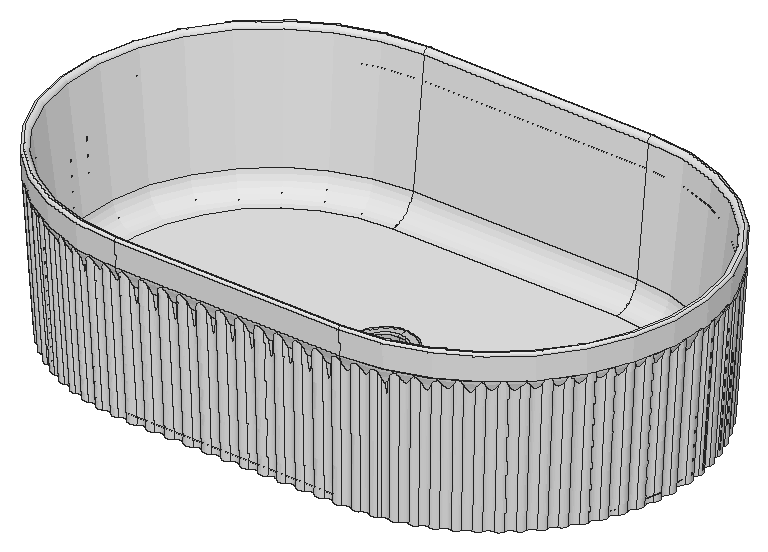
Revit family "Comfort Oval Ribbed Countertop Basin", category Plumbing Fixtures, Revit 2024
Family settings
  Round Connector Dimension = Use Diameter
  Part Type = Normal
  OmniClass Number = 23.45.00.00
  OmniClass Title = Sanitary, Laundry, and Cleaning Equipment
  Work Plane-Based = No
  Enable Cutting in Views = No
  Always vertical = Yes
  Cut with Voids When Loaded = No
  Maintain Annotation Orientation = No
  Shared = No
  Room Calculation Point = No
Parameters
  URL = "https://www.lecicosa.co.za/product/comfort-oval-ribbed-basin/"
  Technical Dimensions = "W490 x H130 x D310mm"
  Silver = Silver
  Product Code = "COMBASCTO0OVABC"
  Model = "Comfort Oval Ribbed Countertop Basin"
  Material = "Vitreous China"
  Manufacturer = "Lecico SA"
  Default Elevation = 0 mm
  Created By = "Knowbility Skills Lab"
  Colour = "White"
  Ceramic = Ceramic
  Category = "Basins - Countertop"
Reference planes
  plane 1 "Center (Front/Back)": y = 0
  plane 2: z = 0
  plane 3 "Center (Left/Right)": x = 0
Forms (mm)
  Sweep 1, solid, material "Ceramic" <- "Ceramic"
    path origin (0, 0, 0) x (1, 0, 0) y (0, 1, 0)
      loop
        arc (-88, 114.837) -> (-203, -0.163) -> (-88, -115.163) r 115
        line (-88, -115.163) -> (88, -115.163)
        arc (88, -115.163) -> (203, -0.163) -> (88, 114.837) r 115
        line (88, 114.837) -> (-88, 114.837)
    profile origin (0, 114.837, 0) x (0, 1, 0) y (0, 0, 1)
      loop
        arc (22.876, 35.342) -> (16.277, 22.8) -> (3.025, 17.779) r 20
        line (3.025, 17.779) -> (0, 17.779) -> (0, 0) -> (23.538, 0)
        arc (23.538, 0) -> (26.98, 1.373) -> (28.532, 4.738) r 5
        line (28.532, 4.738) -> (35.09, 98.53)
        spline (35.09, 98.53) -> (35.414, 100.021) -> (35.786, 101.359) -> (36.191, 102.552) -> (36.612, 103.607) -> (37.033, 104.534) -> (37.437, 105.339) -> (37.809, 106.034) -> (38.141, 106.656) -> (38.432, 107.271) -> (38.679, 107.942) -> (38.882, 108.736) -> (39.04, 109.717)
        line (39.04, 109.717) -> (39.995, 127.937)
        arc (39.995, 127.937) -> (39.455, 129.412) -> (38.016, 130.041) r 2
        arc (38.016, 130.041) -> (35.382, 129.029) -> (34.072, 126.529) r 4
        line (34.072, 126.529) -> (22.876, 35.342)
  Extrusion 2, solid, material "Ceramic" <- "Ceramic"
    sketch origin (0, 0, 0) x (1, 0, 0) y (0, 1, 0)
      loop
        arc (-88, 114.837) -> (-203, -0.163) -> (-88, -115.163) r 115
        line (-88, -115.163) -> (88, -115.163)
        arc (88, -115.163) -> (203, -0.163) -> (88, 114.837) r 115
        line (88, 114.837) -> (-88, 114.837)
    from 0 to 17.779
  Blend 3, solid, material "Ceramic" <- "Ceramic"
    base sketch origin (0, 0, 0) x (1, 0, 0) y (0, 1, 0)
      loop
        arc (-3.677, 147.215) -> (-7.331, 148.879) -> (-11, 147.251) r 4.895
        arc (-11, 147.251) -> (-14.685, 145.551) -> (-18.386, 147.215) r 4.895
        arc (-18.386, 147.215) -> (-22.039, 148.879) -> (-25.709, 147.251) r 4.895
        arc (-25.709, 147.251) -> (-29.394, 145.551) -> (-33.095, 147.215) r 4.895
        arc (-33.095, 147.215) -> (-36.748, 148.879) -> (-40.418, 147.251) r 4.895
        arc (-40.418, 147.251) -> (-44.103, 145.551) -> (-47.804, 147.215) r 4.895
        arc (-47.804, 147.215) -> (-51.457, 148.879) -> (-55.127, 147.251) r 4.895
        arc (-55.127, 147.251) -> (-58.811, 145.551) -> (-62.513, 147.215) r 4.895
        arc (-62.513, 147.215) -> (-66.214, 148.879) -> (-69.899, 147.179) r 4.895
        arc (-69.899, 147.179) -> (-73.568, 145.551) -> (-77.221, 147.215) r 4.895
        arc (-77.221, 147.215) -> (-80.875, 148.879) -> (-84.544, 147.251) r 4.895
        arc (-84.544, 147.251) -> (-87.866, 145.566) -> (-91.424, 146.694) r 4.895
        arc (-91.424, 146.694) -> (-94.901, 147.84) -> (-98.214, 146.264) r 4.895
        arc (-98.214, 146.264) -> (-101.331, 144.693) -> (-104.703, 145.598) r 4.895
        arc (-104.703, 145.598) -> (-107.944, 146.478) -> (-110.996, 145.068) r 4.895
        line (-110.996, 145.068) -> (-112.08, 143.983)
        arc (-112.08, 143.983) -> (-114.923, 142.626) -> (-118.013, 143.267) r 4.895
        arc (-118.013, 143.267) -> (-121.683, 143.816) -> (-124.699, 141.641) r 4.895
        arc (-124.699, 141.641) -> (-127.458, 139.523) -> (-130.934, 139.756) r 4.895
        arc (-130.934, 139.756) -> (-134.569, 139.952) -> (-137.35, 137.593) r 4.895
        arc (-137.35, 137.593) -> (-139.888, 135.309) -> (-143.308, 135.224) r 4.895
        arc (-143.308, 135.224) -> (-146.961, 135.053) -> (-149.492, 132.405) r 4.895
        arc (-149.492, 132.405) -> (-151.857, 129.822) -> (-155.346, 129.463) r 4.895
        arc (-155.346, 129.463) -> (-159.049, 129.004) -> (-161.37, 126.074) r 4.895
        arc (-161.37, 126.074) -> (-163.476, 123.257) -> (-166.931, 122.563) r 4.895
        arc (-166.931, 122.563) -> (-170.557, 121.771) -> (-172.602, 118.666) r 4.895
        arc (-172.602, 118.666) -> (-174.409, 115.72) -> (-177.712, 114.702) r 4.895
        arc (-177.712, 114.702) -> (-181.071, 113.766) -> (-182.954, 110.831) r 4.895
        arc (-182.954, 110.831) -> (-184.385, 107.502) -> (-187.713, 106.051) r 4.895
        arc (-187.713, 106.051) -> (-191.066, 104.592) -> (-192.491, 101.217) r 4.895
        arc (-192.491, 101.217) -> (-193.782, 97.963) -> (-196.916, 96.386) r 4.895
        arc (-196.916, 96.386) -> (-200.214, 94.641) -> (-201.341, 91.077) r 4.895
        arc (-201.341, 91.077) -> (-202.308, 87.695) -> (-205.29, 85.817) r 4.895
        arc (-205.29, 85.817) -> (-208.397, 83.788) -> (-209.205, 80.159) r 4.895
        arc (-209.205, 80.159) -> (-209.858, 76.743) -> (-212.61, 74.606) r 4.895
        arc (-212.61, 74.606) -> (-215.456, 72.336) -> (-215.966, 68.725) r 4.895
        arc (-215.966, 68.725) -> (-216.344, 65.332) -> (-218.842, 62.995) r 4.895
        arc (-218.842, 62.995) -> (-221.458, 60.439) -> (-221.589, 56.778) r 4.895
        arc (-221.589, 56.778) -> (-221.639, 53.277) -> (-224.007, 50.689) r 4.895
        arc (-224.007, 50.689) -> (-226.469, 47.885) -> (-226.255, 44.153) r 4.895
        arc (-226.255, 44.153) -> (-225.956, 40.649) -> (-228.076, 37.833) r 4.895
        arc (-228.076, 37.833) -> (-230.258, 34.832) -> (-229.723, 31.153) r 4.895
        arc (-229.723, 31.153) -> (-229.119, 27.728) -> (-230.931, 24.752) r 4.895
        arc (-230.931, 24.752) -> (-232.784, 21.619) -> (-231.976, 18.062) r 4.895
        arc (-231.976, 18.062) -> (-231.123, 14.756) -> (-232.627, 11.684) r 4.895
        arc (-232.627, 11.684) -> (-234.161, 8.392) -> (-233.005, 4.949) r 4.895
        arc (-233.005, 4.949) -> (-230.897, 0.037) -> (-232.958, -4.894) r 6.853
        arc (-232.958, -4.894) -> (-234.163, -8.356) -> (-232.639, -11.696) r 4.895
        arc (-232.639, -11.696) -> (-231.123, -14.756) -> (-231.962, -18.073) r 4.895
        arc (-231.962, -18.073) -> (-232.784, -21.619) -> (-230.942, -24.766) r 4.895
        arc (-230.942, -24.766) -> (-229.119, -27.728) -> (-229.707, -31.162) r 4.895
        arc (-229.707, -31.162) -> (-230.258, -34.832) -> (-228.085, -37.848) r 4.895
        arc (-228.085, -37.848) -> (-225.956, -40.649) -> (-226.239, -44.161) r 4.895
        arc (-226.239, -44.161) -> (-226.469, -47.885) -> (-224.015, -50.705) r 4.895
        arc (-224.015, -50.705) -> (-221.639, -53.277) -> (-221.572, -56.784) r 4.895
        arc (-221.572, -56.784) -> (-221.458, -60.439) -> (-218.849, -63.011) r 4.895
        arc (-218.849, -63.011) -> (-216.344, -65.332) -> (-215.949, -68.73) r 4.895
        arc (-215.949, -68.73) -> (-215.456, -72.336) -> (-212.616, -74.623) r 4.895
        arc (-212.616, -74.623) -> (-209.858, -76.743) -> (-209.187, -80.162) r 4.895
        arc (-209.187, -80.162) -> (-208.397, -83.788) -> (-205.293, -85.835) r 4.895
        arc (-205.293, -85.835) -> (-202.308, -87.695) -> (-201.324, -91.078) r 4.895
        arc (-201.324, -91.078) -> (-200.214, -94.641) -> (-196.917, -96.404) r 4.895
        arc (-196.917, -96.404) -> (-193.782, -97.963) -> (-192.473, -101.217) r 4.895
        arc (-192.473, -101.217) -> (-191.066, -104.592) -> (-187.713, -106.068) r 4.895
        arc (-187.713, -106.068) -> (-184.385, -107.502) -> (-182.954, -110.831) r 4.895
        arc (-182.954, -110.831) -> (-181.071, -113.766) -> (-177.712, -114.702) r 4.895
        arc (-177.712, -114.702) -> (-174.409, -115.72) -> (-172.585, -118.663) r 4.895
        arc (-172.585, -118.663) -> (-170.557, -121.771) -> (-166.928, -122.58) r 4.895
        arc (-166.928, -122.58) -> (-163.476, -123.257) -> (-161.353, -126.07) r 4.895
        arc (-161.353, -126.07) -> (-159.049, -129.004) -> (-155.341, -129.48) r 4.895
        arc (-155.341, -129.48) -> (-151.857, -129.822) -> (-149.476, -132.398) r 4.895
        arc (-149.476, -132.398) -> (-146.961, -135.053) -> (-143.302, -135.24) r 4.895
        arc (-143.302, -135.24) -> (-139.888, -135.309) -> (-137.334, -137.585) r 4.895
        arc (-137.334, -137.585) -> (-134.569, -139.952) -> (-130.927, -139.772) r 4.895
        arc (-130.927, -139.772) -> (-127.458, -139.523) -> (-124.684, -141.632) r 4.895
        arc (-124.684, -141.632) -> (-121.683, -143.816) -> (-118.004, -143.282) r 4.895
        arc (-118.004, -143.282) -> (-114.923, -142.626) -> (-112.08, -143.983) r 4.895
        line (-112.08, -143.983) -> (-110.989, -145.062)
        arc (-110.989, -145.062) -> (-107.944, -146.478) -> (-104.703, -145.598) r 4.895
        arc (-104.703, -145.598) -> (-101.331, -144.693) -> (-98.201, -146.252) r 4.895
        arc (-98.201, -146.252) -> (-94.901, -147.84) -> (-91.412, -146.707) r 4.895
        arc (-91.412, -146.707) -> (-87.866, -145.566) -> (-84.544, -147.251) r 4.895
        arc (-84.544, -147.251) -> (-80.875, -148.879) -> (-77.221, -147.215) r 4.895
        arc (-77.221, -147.215) -> (-73.568, -145.551) -> (-69.899, -147.179) r 4.895
        arc (-69.899, -147.179) -> (-66.214, -148.879) -> (-62.513, -147.215) r 4.895
        arc (-62.513, -147.215) -> (-58.811, -145.551) -> (-55.127, -147.251) r 4.895
        arc (-55.127, -147.251) -> (-51.457, -148.879) -> (-47.804, -147.215) r 4.895
        arc (-47.804, -147.215) -> (-44.103, -145.551) -> (-40.418, -147.251) r 4.895
        arc (-40.418, -147.251) -> (-36.748, -148.879) -> (-33.095, -147.215) r 4.895
        arc (-33.095, -147.215) -> (-29.394, -145.551) -> (-25.709, -147.251) r 4.895
        arc (-25.709, -147.251) -> (-22.039, -148.879) -> (-18.386, -147.215) r 4.895
        arc (-18.386, -147.215) -> (-14.685, -145.551) -> (-11, -147.251) r 4.895
        arc (-11, -147.251) -> (-7.331, -148.879) -> (-3.677, -147.215) r 4.895
        arc (-3.677, -147.215) -> (0, -145.551) -> (3.677, -147.215) r 4.895
        arc (3.677, -147.215) -> (7.331, -148.879) -> (11, -147.251) r 4.895
        arc (11, -147.251) -> (14.685, -145.551) -> (18.386, -147.215) r 4.895
        arc (18.386, -147.215) -> (22.039, -148.879) -> (25.709, -147.251) r 4.895
        arc (25.709, -147.251) -> (29.394, -145.551) -> (33.095, -147.215) r 4.895
        arc (33.095, -147.215) -> (36.748, -148.879) -> (40.418, -147.251) r 4.895
        arc (40.418, -147.251) -> (44.103, -145.551) -> (47.804, -147.215) r 4.895
        arc (47.804, -147.215) -> (51.457, -148.879) -> (55.127, -147.251) r 4.895
        arc (55.127, -147.251) -> (58.811, -145.551) -> (62.513, -147.215) r 4.895
        arc (62.513, -147.215) -> (66.214, -148.879) -> (69.899, -147.179) r 4.895
        arc (69.899, -147.179) -> (73.568, -145.551) -> (77.221, -147.215) r 4.895
        arc (77.221, -147.215) -> (80.875, -148.879) -> (84.544, -147.251) r 4.895
        arc (84.544, -147.251) -> (87.866, -145.566) -> (91.424, -146.694) r 4.895
        arc (91.424, -146.694) -> (94.901, -147.84) -> (98.214, -146.264) r 4.895
        arc (98.214, -146.264) -> (101.331, -144.693) -> (104.703, -145.598) r 4.895
        arc (104.703, -145.598) -> (107.944, -146.478) -> (110.996, -145.068) r 4.895
        line (110.996, -145.068) -> (112.08, -143.983)
        arc (112.08, -143.983) -> (114.923, -142.626) -> (118.013, -143.267) r 4.895
        arc (118.013, -143.267) -> (121.683, -143.816) -> (124.699, -141.641) r 4.895
        arc (124.699, -141.641) -> (127.458, -139.523) -> (130.934, -139.756) r 4.895
        arc (130.934, -139.756) -> (134.569, -139.952) -> (137.35, -137.593) r 4.895
        arc (137.35, -137.593) -> (139.888, -135.309) -> (143.308, -135.224) r 4.895
        arc (143.308, -135.224) -> (146.961, -135.053) -> (149.492, -132.405) r 4.895
        arc (149.492, -132.405) -> (151.857, -129.822) -> (155.346, -129.463) r 4.895
        arc (155.346, -129.463) -> (159.049, -129.004) -> (161.37, -126.074) r 4.895
        arc (161.37, -126.074) -> (163.476, -123.257) -> (166.931, -122.563) r 4.895
        arc (166.931, -122.563) -> (170.557, -121.771) -> (172.602, -118.666) r 4.895
        arc (172.602, -118.666) -> (174.409, -115.72) -> (177.712, -114.702) r 4.895
        arc (177.712, -114.702) -> (181.071, -113.766) -> (182.954, -110.831) r 4.895
        arc (182.954, -110.831) -> (184.385, -107.502) -> (187.713, -106.051) r 4.895
        arc (187.713, -106.051) -> (191.066, -104.592) -> (192.491, -101.217) r 4.895
        arc (192.491, -101.217) -> (193.782, -97.963) -> (196.916, -96.386) r 4.895
        arc (196.916, -96.386) -> (200.214, -94.641) -> (201.341, -91.077) r 4.895
        arc (201.341, -91.077) -> (202.308, -87.695) -> (205.29, -85.817) r 4.895
        arc (205.29, -85.817) -> (208.397, -83.788) -> (209.205, -80.159) r 4.895
        arc (209.205, -80.159) -> (209.858, -76.743) -> (212.61, -74.606) r 4.895
        arc (212.61, -74.606) -> (215.456, -72.336) -> (215.966, -68.725) r 4.895
        arc (215.966, -68.725) -> (216.344, -65.332) -> (218.842, -62.995) r 4.895
        arc (218.842, -62.995) -> (221.458, -60.439) -> (221.589, -56.778) r 4.895
        arc (221.589, -56.778) -> (221.639, -53.277) -> (224.007, -50.689) r 4.895
        arc (224.007, -50.689) -> (226.469, -47.885) -> (226.255, -44.153) r 4.895
        arc (226.255, -44.153) -> (225.956, -40.649) -> (228.076, -37.833) r 4.895
        arc (228.076, -37.833) -> (230.258, -34.832) -> (229.723, -31.153) r 4.895
        arc (229.723, -31.153) -> (229.119, -27.728) -> (230.931, -24.752) r 4.895
        arc (230.931, -24.752) -> (232.784, -21.619) -> (231.976, -18.062) r 4.895
        arc (231.976, -18.062) -> (231.123, -14.756) -> (232.627, -11.684) r 4.895
        arc (232.627, -11.684) -> (234.163, -8.356) -> (232.958, -4.894) r 4.895
        arc (232.958, -4.894) -> (230.897, 0.037) -> (233.005, 4.949) r 6.853
        arc (233.005, 4.949) -> (234.161, 8.392) -> (232.639, 11.696) r 4.895
        arc (232.639, 11.696) -> (231.123, 14.756) -> (231.962, 18.073) r 4.895
        arc (231.962, 18.073) -> (232.784, 21.619) -> (230.942, 24.766) r 4.895
        arc (230.942, 24.766) -> (229.119, 27.728) -> (229.707, 31.162) r 4.895
        arc (229.707, 31.162) -> (230.258, 34.832) -> (228.085, 37.848) r 4.895
        arc (228.085, 37.848) -> (225.956, 40.649) -> (226.239, 44.161) r 4.895
        arc (226.239, 44.161) -> (226.469, 47.885) -> (224.015, 50.705) r 4.895
        arc (224.015, 50.705) -> (221.639, 53.277) -> (221.572, 56.784) r 4.895
        arc (221.572, 56.784) -> (221.458, 60.439) -> (218.849, 63.011) r 4.895
        arc (218.849, 63.011) -> (216.344, 65.332) -> (215.949, 68.73) r 4.895
        arc (215.949, 68.73) -> (215.456, 72.336) -> (212.616, 74.623) r 4.895
        arc (212.616, 74.623) -> (209.858, 76.743) -> (209.187, 80.162) r 4.895
        arc (209.187, 80.162) -> (208.397, 83.788) -> (205.293, 85.835) r 4.895
        arc (205.293, 85.835) -> (202.308, 87.695) -> (201.324, 91.078) r 4.895
        arc (201.324, 91.078) -> (200.214, 94.641) -> (196.917, 96.404) r 4.895
        arc (196.917, 96.404) -> (193.782, 97.963) -> (192.473, 101.217) r 4.895
        arc (192.473, 101.217) -> (191.066, 104.592) -> (187.713, 106.068) r 4.895
        arc (187.713, 106.068) -> (184.385, 107.502) -> (182.954, 110.831) r 4.895
        arc (182.954, 110.831) -> (181.071, 113.766) -> (177.712, 114.702) r 4.895
        arc (177.712, 114.702) -> (174.409, 115.72) -> (172.585, 118.663) r 4.895
        arc (172.585, 118.663) -> (170.557, 121.771) -> (166.928, 122.58) r 4.895
        arc (166.928, 122.58) -> (163.476, 123.257) -> (161.353, 126.07) r 4.895
        arc (161.353, 126.07) -> (159.049, 129.004) -> (155.341, 129.48) r 4.895
        arc (155.341, 129.48) -> (151.857, 129.822) -> (149.476, 132.398) r 4.895
        arc (149.476, 132.398) -> (146.961, 135.053) -> (143.302, 135.24) r 4.895
        arc (143.302, 135.24) -> (139.888, 135.309) -> (137.334, 137.585) r 4.895
        arc (137.334, 137.585) -> (134.569, 139.952) -> (130.927, 139.772) r 4.895
        arc (130.927, 139.772) -> (127.458, 139.523) -> (124.684, 141.632) r 4.895
        arc (124.684, 141.632) -> (121.683, 143.816) -> (118.004, 143.282) r 4.895
        arc (118.004, 143.282) -> (114.923, 142.626) -> (112.08, 143.983) r 4.895
        line (112.08, 143.983) -> (110.989, 145.062)
        arc (110.989, 145.062) -> (107.944, 146.478) -> (104.703, 145.598) r 4.895
        arc (104.703, 145.598) -> (101.331, 144.693) -> (98.201, 146.252) r 4.895
        arc (98.201, 146.252) -> (94.901, 147.84) -> (91.412, 146.707) r 4.895
        arc (91.412, 146.707) -> (87.866, 145.566) -> (84.544, 147.251) r 4.895
        arc (84.544, 147.251) -> (80.875, 148.879) -> (77.221, 147.215) r 4.895
        arc (77.221, 147.215) -> (73.568, 145.551) -> (69.899, 147.179) r 4.895
        arc (69.899, 147.179) -> (66.214, 148.879) -> (62.513, 147.215) r 4.895
        arc (62.513, 147.215) -> (58.811, 145.551) -> (55.127, 147.251) r 4.895
        arc (55.127, 147.251) -> (51.457, 148.879) -> (47.804, 147.215) r 4.895
        arc (47.804, 147.215) -> (44.103, 145.551) -> (40.418, 147.251) r 4.895
        arc (40.418, 147.251) -> (36.748, 148.879) -> (33.095, 147.215) r 4.895
        arc (33.095, 147.215) -> (29.394, 145.551) -> (25.709, 147.251) r 4.895
        arc (25.709, 147.251) -> (22.039, 148.879) -> (18.386, 147.215) r 4.895
        arc (18.386, 147.215) -> (14.685, 145.551) -> (11, 147.251) r 4.895
        arc (11, 147.251) -> (7.331, 148.879) -> (3.677, 147.215) r 4.895
        arc (3.677, 147.215) -> (0, 145.551) -> (-3.677, 147.215) r 4.895
    top sketch origin (0, 0, 0) x (1, 0, 0) y (0, 1, 0)
      loop
        arc (-3.801, 152.166) -> (-7.577, 153.886) -> (-11.37, 152.203) r 5.06
        arc (-11.37, 152.203) -> (-15.179, 150.446) -> (-19.004, 152.166) r 5.06
        arc (-19.004, 152.166) -> (-22.781, 153.886) -> (-26.574, 152.203) r 5.06
        arc (-26.574, 152.203) -> (-30.382, 150.446) -> (-34.208, 152.166) r 5.06
        arc (-34.208, 152.166) -> (-37.984, 153.886) -> (-41.777, 152.203) r 5.06
        arc (-41.777, 152.203) -> (-45.586, 150.446) -> (-49.411, 152.166) r 5.06
        arc (-49.411, 152.166) -> (-53.188, 153.886) -> (-56.98, 152.203) r 5.06
        arc (-56.98, 152.203) -> (-60.789, 150.446) -> (-64.615, 152.166) r 5.06
        arc (-64.615, 152.166) -> (-68.441, 153.886) -> (-72.249, 152.129) r 5.06
        arc (-72.249, 152.129) -> (-76.042, 150.446) -> (-79.818, 152.166) r 5.06
        arc (-79.818, 152.166) -> (-83.595, 153.886) -> (-87.387, 152.203) r 5.06
        arc (-87.387, 152.203) -> (-90.821, 150.462) -> (-94.498, 151.627) r 5.06
        arc (-94.498, 151.627) -> (-98.093, 152.811) -> (-101.517, 151.183) r 5.06
        arc (-101.517, 151.183) -> (-104.739, 149.559) -> (-108.225, 150.494) r 5.06
        arc (-108.225, 150.494) -> (-111.574, 151.404) -> (-114.728, 149.946) r 5.06
        line (-114.728, 149.946) -> (-115.849, 148.826)
        arc (-115.849, 148.826) -> (-118.787, 147.422) -> (-121.982, 148.085) r 5.06
        arc (-121.982, 148.085) -> (-125.775, 148.652) -> (-128.892, 146.405) r 5.06
        arc (-128.892, 146.405) -> (-131.744, 144.215) -> (-135.337, 144.456) r 5.06
        arc (-135.337, 144.456) -> (-139.094, 144.659) -> (-141.969, 142.221) r 5.06
        arc (-141.969, 142.221) -> (-144.592, 139.86) -> (-148.127, 139.771) r 5.06
        arc (-148.127, 139.771) -> (-151.903, 139.595) -> (-154.52, 136.858) r 5.06
        arc (-154.52, 136.858) -> (-156.964, 134.188) -> (-160.57, 133.817) r 5.06
        arc (-160.57, 133.817) -> (-164.398, 133.343) -> (-166.797, 130.314) r 5.06
        arc (-166.797, 130.314) -> (-168.974, 127.402) -> (-172.545, 126.684) r 5.06
        arc (-172.545, 126.684) -> (-176.292, 125.866) -> (-178.407, 122.657) r 5.06
        arc (-178.407, 122.657) -> (-180.274, 119.611) -> (-183.688, 118.559) r 5.06
        arc (-183.688, 118.559) -> (-187.16, 117.592) -> (-189.107, 114.559) r 5.06
        arc (-189.107, 114.559) -> (-190.586, 111.117) -> (-194.025, 109.617) r 5.06
        arc (-194.025, 109.617) -> (-197.492, 108.11) -> (-198.964, 104.621) r 5.06
        arc (-198.964, 104.621) -> (-200.299, 101.257) -> (-203.538, 99.627) r 5.06
        arc (-203.538, 99.627) -> (-206.947, 97.824) -> (-208.112, 94.14) r 5.06
        arc (-208.112, 94.14) -> (-209.112, 90.644) -> (-212.194, 88.703) r 5.06
        arc (-212.194, 88.703) -> (-215.405, 86.606) -> (-216.24, 82.854) r 5.06
        arc (-216.24, 82.854) -> (-216.916, 79.324) -> (-219.761, 77.115) r 5.06
        arc (-219.761, 77.115) -> (-222.702, 74.769) -> (-223.229, 71.037) r 5.06
        arc (-223.229, 71.037) -> (-223.62, 67.529) -> (-226.202, 65.113) r 5.06
        arc (-226.202, 65.113) -> (-228.905, 62.472) -> (-229.041, 58.687) r 5.06
        arc (-229.041, 58.687) -> (-229.093, 55.069) -> (-231.54, 52.394) r 5.06
        arc (-231.54, 52.394) -> (-234.085, 49.496) -> (-233.864, 45.638) r 5.06
        arc (-233.864, 45.638) -> (-233.555, 42.016) -> (-235.746, 39.106) r 5.06
        arc (-235.746, 39.106) -> (-238.002, 36.003) -> (-237.448, 32.2) r 5.06
        arc (-237.448, 32.2) -> (-236.824, 28.66) -> (-238.697, 25.584) r 5.06
        arc (-238.697, 25.584) -> (-240.613, 22.346) -> (-239.778, 18.67) r 5.06
        arc (-239.778, 18.67) -> (-238.896, 15.252) -> (-240.45, 12.077) r 5.06
        arc (-240.45, 12.077) -> (-242.036, 8.674) -> (-240.841, 5.115) r 5.06
        arc (-240.841, 5.115) -> (-238.663, 0.038) -> (-240.793, -5.059) r 7.083
        arc (-240.793, -5.059) -> (-242.038, -8.637) -> (-240.462, -12.09) r 5.06
        arc (-240.462, -12.09) -> (-238.896, -15.252) -> (-239.763, -18.68) r 5.06
        arc (-239.763, -18.68) -> (-240.613, -22.346) -> (-238.709, -25.599) r 5.06
        arc (-238.709, -25.599) -> (-236.824, -28.66) -> (-237.433, -32.21) r 5.06
        arc (-237.433, -32.21) -> (-238.002, -36.003) -> (-235.756, -39.121) r 5.06
        arc (-235.756, -39.121) -> (-233.555, -42.016) -> (-233.848, -45.646) r 5.06
        arc (-233.848, -45.646) -> (-234.085, -49.496) -> (-231.548, -52.41) r 5.06
        arc (-231.548, -52.41) -> (-229.093, -55.069) -> (-229.024, -58.694) r 5.06
        arc (-229.024, -58.694) -> (-228.905, -62.472) -> (-226.209, -65.13) r 5.06
        arc (-226.209, -65.13) -> (-223.62, -67.529) -> (-223.211, -71.041) r 5.06
        arc (-223.211, -71.041) -> (-222.702, -74.769) -> (-219.766, -77.133) r 5.06
        arc (-219.766, -77.133) -> (-216.916, -79.324) -> (-216.222, -82.858) r 5.06
        arc (-216.222, -82.858) -> (-215.405, -86.606) -> (-212.197, -88.721) r 5.06
        arc (-212.197, -88.721) -> (-209.112, -90.644) -> (-208.094, -94.141) r 5.06
        arc (-208.094, -94.141) -> (-206.947, -97.824) -> (-203.54, -99.646) r 5.06
        arc (-203.54, -99.646) -> (-200.299, -101.257) -> (-198.946, -104.621) r 5.06
        arc (-198.946, -104.621) -> (-197.492, -108.11) -> (-194.026, -109.636) r 5.06
        arc (-194.026, -109.636) -> (-190.586, -111.117) -> (-189.107, -114.559) r 5.06
        arc (-189.107, -114.559) -> (-187.16, -117.592) -> (-183.688, -118.559) r 5.06
        arc (-183.688, -118.559) -> (-180.274, -119.611) -> (-178.389, -122.653) r 5.06
        arc (-178.389, -122.653) -> (-176.292, -125.866) -> (-172.542, -126.702) r 5.06
        arc (-172.542, -126.702) -> (-168.974, -127.402) -> (-166.779, -130.309) r 5.06
        arc (-166.779, -130.309) -> (-164.398, -133.343) -> (-160.565, -133.834) r 5.06
        arc (-160.565, -133.834) -> (-156.964, -134.188) -> (-154.503, -136.851) r 5.06
        arc (-154.503, -136.851) -> (-151.903, -139.595) -> (-148.121, -139.788) r 5.06
        arc (-148.121, -139.788) -> (-144.592, -139.86) -> (-141.953, -142.212) r 5.06
        arc (-141.953, -142.212) -> (-139.094, -144.659) -> (-135.33, -144.473) r 5.06
        arc (-135.33, -144.473) -> (-131.744, -144.215) -> (-128.877, -146.395) r 5.06
        arc (-128.877, -146.395) -> (-125.775, -148.652) -> (-121.972, -148.1) r 5.06
        arc (-121.972, -148.1) -> (-118.787, -147.422) -> (-115.849, -148.826) r 5.06
        line (-115.849, -148.826) -> (-114.722, -149.94)
        arc (-114.722, -149.94) -> (-111.574, -151.404) -> (-108.225, -150.494) r 5.06
        arc (-108.225, -150.494) -> (-104.739, -149.559) -> (-101.503, -151.171) r 5.06
        arc (-101.503, -151.171) -> (-98.093, -152.811) -> (-94.487, -151.641) r 5.06
        arc (-94.487, -151.641) -> (-90.821, -150.462) -> (-87.387, -152.203) r 5.06
        arc (-87.387, -152.203) -> (-83.595, -153.886) -> (-79.818, -152.166) r 5.06
        arc (-79.818, -152.166) -> (-76.042, -150.446) -> (-72.249, -152.129) r 5.06
        arc (-72.249, -152.129) -> (-68.441, -153.886) -> (-64.615, -152.166) r 5.06
        arc (-64.615, -152.166) -> (-60.789, -150.446) -> (-56.98, -152.203) r 5.06
        arc (-56.98, -152.203) -> (-53.188, -153.886) -> (-49.411, -152.166) r 5.06
        arc (-49.411, -152.166) -> (-45.586, -150.446) -> (-41.777, -152.203) r 5.06
        arc (-41.777, -152.203) -> (-37.984, -153.886) -> (-34.208, -152.166) r 5.06
        arc (-34.208, -152.166) -> (-30.382, -150.446) -> (-26.574, -152.203) r 5.06
        arc (-26.574, -152.203) -> (-22.781, -153.886) -> (-19.004, -152.166) r 5.06
        arc (-19.004, -152.166) -> (-15.179, -150.446) -> (-11.37, -152.203) r 5.06
        arc (-11.37, -152.203) -> (-7.577, -153.886) -> (-3.801, -152.166) r 5.06
        arc (-3.801, -152.166) -> (0, -150.446) -> (3.801, -152.166) r 5.06
        arc (3.801, -152.166) -> (7.577, -153.886) -> (11.37, -152.203) r 5.06
        arc (11.37, -152.203) -> (15.179, -150.446) -> (19.004, -152.166) r 5.06
        arc (19.004, -152.166) -> (22.781, -153.886) -> (26.574, -152.203) r 5.06
        arc (26.574, -152.203) -> (30.382, -150.446) -> (34.208, -152.166) r 5.06
        arc (34.208, -152.166) -> (37.984, -153.886) -> (41.777, -152.203) r 5.06
        arc (41.777, -152.203) -> (45.586, -150.446) -> (49.411, -152.166) r 5.06
        arc (49.411, -152.166) -> (53.188, -153.886) -> (56.98, -152.203) r 5.06
        arc (56.98, -152.203) -> (60.789, -150.446) -> (64.615, -152.166) r 5.06
        arc (64.615, -152.166) -> (68.441, -153.886) -> (72.249, -152.129) r 5.06
        arc (72.249, -152.129) -> (76.042, -150.446) -> (79.818, -152.166) r 5.06
        arc (79.818, -152.166) -> (83.595, -153.886) -> (87.387, -152.203) r 5.06
        arc (87.387, -152.203) -> (90.821, -150.462) -> (94.498, -151.627) r 5.06
        arc (94.498, -151.627) -> (98.093, -152.811) -> (101.517, -151.183) r 5.06
        arc (101.517, -151.183) -> (104.739, -149.559) -> (108.225, -150.494) r 5.06
        arc (108.225, -150.494) -> (111.574, -151.404) -> (114.728, -149.946) r 5.06
        line (114.728, -149.946) -> (115.849, -148.826)
        arc (115.849, -148.826) -> (118.787, -147.422) -> (121.982, -148.085) r 5.06
        arc (121.982, -148.085) -> (125.775, -148.652) -> (128.892, -146.405) r 5.06
        arc (128.892, -146.405) -> (131.744, -144.215) -> (135.337, -144.456) r 5.06
        arc (135.337, -144.456) -> (139.094, -144.659) -> (141.969, -142.221) r 5.06
        arc (141.969, -142.221) -> (144.592, -139.86) -> (148.127, -139.771) r 5.06
        arc (148.127, -139.771) -> (151.903, -139.595) -> (154.52, -136.858) r 5.06
        arc (154.52, -136.858) -> (156.964, -134.188) -> (160.57, -133.817) r 5.06
        arc (160.57, -133.817) -> (164.398, -133.343) -> (166.797, -130.314) r 5.06
        arc (166.797, -130.314) -> (168.974, -127.402) -> (172.545, -126.684) r 5.06
        arc (172.545, -126.684) -> (176.292, -125.866) -> (178.407, -122.657) r 5.06
        arc (178.407, -122.657) -> (180.274, -119.611) -> (183.688, -118.559) r 5.06
        arc (183.688, -118.559) -> (187.16, -117.592) -> (189.107, -114.559) r 5.06
        arc (189.107, -114.559) -> (190.586, -111.117) -> (194.025, -109.617) r 5.06
        arc (194.025, -109.617) -> (197.492, -108.11) -> (198.964, -104.621) r 5.06
        arc (198.964, -104.621) -> (200.299, -101.257) -> (203.538, -99.627) r 5.06
        arc (203.538, -99.627) -> (206.947, -97.824) -> (208.112, -94.14) r 5.06
        arc (208.112, -94.14) -> (209.112, -90.644) -> (212.194, -88.703) r 5.06
        arc (212.194, -88.703) -> (215.405, -86.606) -> (216.24, -82.854) r 5.06
        arc (216.24, -82.854) -> (216.916, -79.324) -> (219.761, -77.115) r 5.06
        arc (219.761, -77.115) -> (222.702, -74.769) -> (223.229, -71.037) r 5.06
        arc (223.229, -71.037) -> (223.62, -67.529) -> (226.202, -65.113) r 5.06
        arc (226.202, -65.113) -> (228.905, -62.472) -> (229.041, -58.687) r 5.06
        arc (229.041, -58.687) -> (229.093, -55.069) -> (231.54, -52.394) r 5.06
        arc (231.54, -52.394) -> (234.085, -49.496) -> (233.864, -45.638) r 5.06
        arc (233.864, -45.638) -> (233.555, -42.016) -> (235.746, -39.106) r 5.06
        arc (235.746, -39.106) -> (238.002, -36.003) -> (237.448, -32.2) r 5.06
        arc (237.448, -32.2) -> (236.824, -28.66) -> (238.697, -25.584) r 5.06
        arc (238.697, -25.584) -> (240.613, -22.346) -> (239.778, -18.67) r 5.06
        arc (239.778, -18.67) -> (238.896, -15.252) -> (240.45, -12.077) r 5.06
        arc (240.45, -12.077) -> (242.038, -8.637) -> (240.793, -5.059) r 5.06
        arc (240.793, -5.059) -> (238.663, 0.038) -> (240.841, 5.115) r 7.083
        arc (240.841, 5.115) -> (242.036, 8.674) -> (240.462, 12.09) r 5.06
        arc (240.462, 12.09) -> (238.896, 15.252) -> (239.763, 18.68) r 5.06
        arc (239.763, 18.68) -> (240.613, 22.346) -> (238.709, 25.599) r 5.06
        arc (238.709, 25.599) -> (236.824, 28.66) -> (237.433, 32.21) r 5.06
        arc (237.433, 32.21) -> (238.002, 36.003) -> (235.756, 39.121) r 5.06
        arc (235.756, 39.121) -> (233.555, 42.016) -> (233.848, 45.646) r 5.06
        arc (233.848, 45.646) -> (234.085, 49.496) -> (231.548, 52.41) r 5.06
        arc (231.548, 52.41) -> (229.093, 55.069) -> (229.024, 58.694) r 5.06
        arc (229.024, 58.694) -> (228.905, 62.472) -> (226.209, 65.13) r 5.06
        arc (226.209, 65.13) -> (223.62, 67.529) -> (223.211, 71.041) r 5.06
        arc (223.211, 71.041) -> (222.702, 74.769) -> (219.766, 77.133) r 5.06
        arc (219.766, 77.133) -> (216.916, 79.324) -> (216.222, 82.858) r 5.06
        arc (216.222, 82.858) -> (215.405, 86.606) -> (212.197, 88.721) r 5.06
        arc (212.197, 88.721) -> (209.112, 90.644) -> (208.094, 94.141) r 5.06
        arc (208.094, 94.141) -> (206.947, 97.824) -> (203.54, 99.646) r 5.06
        arc (203.54, 99.646) -> (200.299, 101.257) -> (198.946, 104.621) r 5.06
        arc (198.946, 104.621) -> (197.492, 108.11) -> (194.026, 109.636) r 5.06
        arc (194.026, 109.636) -> (190.586, 111.117) -> (189.107, 114.559) r 5.06
        arc (189.107, 114.559) -> (187.16, 117.592) -> (183.688, 118.559) r 5.06
        arc (183.688, 118.559) -> (180.274, 119.611) -> (178.389, 122.653) r 5.06
        arc (178.389, 122.653) -> (176.292, 125.866) -> (172.542, 126.702) r 5.06
        arc (172.542, 126.702) -> (168.974, 127.402) -> (166.779, 130.309) r 5.06
        arc (166.779, 130.309) -> (164.398, 133.343) -> (160.565, 133.834) r 5.06
        arc (160.565, 133.834) -> (156.964, 134.188) -> (154.503, 136.851) r 5.06
        arc (154.503, 136.851) -> (151.903, 139.595) -> (148.121, 139.788) r 5.06
        arc (148.121, 139.788) -> (144.592, 139.86) -> (141.953, 142.212) r 5.06
        arc (141.953, 142.212) -> (139.094, 144.659) -> (135.33, 144.473) r 5.06
        arc (135.33, 144.473) -> (131.744, 144.215) -> (128.877, 146.395) r 5.06
        arc (128.877, 146.395) -> (125.775, 148.652) -> (121.972, 148.1) r 5.06
        arc (121.972, 148.1) -> (118.787, 147.422) -> (115.849, 148.826) r 5.06
        line (115.849, 148.826) -> (114.722, 149.94)
        arc (114.722, 149.94) -> (111.574, 151.404) -> (108.225, 150.494) r 5.06
        arc (108.225, 150.494) -> (104.739, 149.559) -> (101.503, 151.171) r 5.06
        arc (101.503, 151.171) -> (98.093, 152.811) -> (94.487, 151.641) r 5.06
        arc (94.487, 151.641) -> (90.821, 150.462) -> (87.387, 152.203) r 5.06
        arc (87.387, 152.203) -> (83.595, 153.886) -> (79.818, 152.166) r 5.06
        arc (79.818, 152.166) -> (76.042, 150.446) -> (72.249, 152.129) r 5.06
        arc (72.249, 152.129) -> (68.441, 153.886) -> (64.615, 152.166) r 5.06
        arc (64.615, 152.166) -> (60.789, 150.446) -> (56.98, 152.203) r 5.06
        arc (56.98, 152.203) -> (53.188, 153.886) -> (49.411, 152.166) r 5.06
        arc (49.411, 152.166) -> (45.586, 150.446) -> (41.777, 152.203) r 5.06
        arc (41.777, 152.203) -> (37.984, 153.886) -> (34.208, 152.166) r 5.06
        arc (34.208, 152.166) -> (30.382, 150.446) -> (26.574, 152.203) r 5.06
        arc (26.574, 152.203) -> (22.781, 153.886) -> (19.004, 152.166) r 5.06
        arc (19.004, 152.166) -> (15.179, 150.446) -> (11.37, 152.203) r 5.06
        arc (11.37, 152.203) -> (7.577, 153.886) -> (3.801, 152.166) r 5.06
        arc (3.801, 152.166) -> (0, 150.446) -> (-3.801, 152.166) r 5.06
    from 0 to 109.717
  Sweep 4, void
    path origin (0, 0, 0) x (1, 0, 0) y (0, 1, 0)
      loop
        line (88, 114.837) -> (-88, 114.837)
        arc (-88, 114.837) -> (-203, -0.163) -> (-88, -115.163) r 115
        line (-88, -115.163) -> (88, -115.163)
        arc (88, -115.163) -> (203, -0.163) -> (88, 114.837) r 115
    profile origin (0, 114.837, 0) x (0, -1, 0) y (0, 0, 1)
      loop
        line (0, 17.779) -> (0, 115.033) -> (-32.782, 115.033) -> (-22.997, 35.342)
        arc (-22.997, 35.342) -> (-16.399, 22.8) -> (-3.146, 17.779) r 20
        line (-3.146, 17.779) -> (0, 17.779)
  Extrusion 5, void
    sketch origin (0, 0, 0) x (1, 0, 0) y (0, 1, 0)
      loop
        arc (88, -115.163) -> (203, -0.163) -> (88, 114.837) r 115
        line (88, 114.837) -> (-88, 114.837)
        arc (-88, 114.837) -> (-203, -0.163) -> (-88, -115.163) r 115
        line (-88, -115.163) -> (88, -115.163)
    from 17.779 to 214.642
  Extrusion 6, void
    sketch origin (0, 0, 0) x (1, 0, 0) y (0, 1, 0)
      loop
        circle (0, 0) r 22.5
    from 0 to 30
  Revolve 7, solid, material "Silver" <- "Silver"
    sketch origin (0, 192, -704.69) x (0, 1, 0) y (0, 0, 1)
      loop
        line (-169.5, 721.469) -> (-169.5, 722.469)
        arc (-169.5, 722.469) -> (-169.793, 723.176) -> (-170.5, 723.469) r 1
        line (-170.5, 723.469) -> (-176.5, 723.469)
        arc (-176.5, 723.469) -> (-177.207, 723.176) -> (-177.5, 722.469) r 1
        line (-177.5, 722.469) -> (-177.5, 718.713)
        arc (-177.5, 718.713) -> (-177.646, 718.359) -> (-178, 718.213) r 0.5
        line (-178, 718.213) -> (-192, 718.213) -> (-192, 717.213) -> (-176.15, 717.213) -> (-176.15, 720.469)
        arc (-176.15, 720.469) -> (-175.857, 721.176) -> (-175.15, 721.469) r 1
        line (-175.15, 721.469) -> (-169.5, 721.469)
      axis (-192, 717.213) -> (-192, 723.469)
    angle from 0 to 360
  Extrusion 8, void
    sketch origin (0, 192, -704.69) x (1, 0, 0) y (0, 1, 0)
      loop
        circle (0, -192) r 3
      loop
        circle (-8.778, -192) r 3
      loop
        circle (-4.389, -184.398) r 3
      loop
        circle (4.389, -184.398) r 3
      loop
        circle (8.778, -192) r 3
      loop
        circle (4.389, -199.602) r 3
      loop
        circle (-4.389, -199.602) r 3
    from 710.891 to 726.281
Cuts and joins
  Sweep 4, Extrusion 5, Extrusion 6 cuts Blend 3
  Extrusion 6 cuts Sweep 1
  Extrusion 6 cuts Extrusion 2
  joined: Sweep 1, Extrusion 2
  Extrusion 8 cuts Revolve 7
Dimensions and locks
  aligned and locked: level to plane 2
